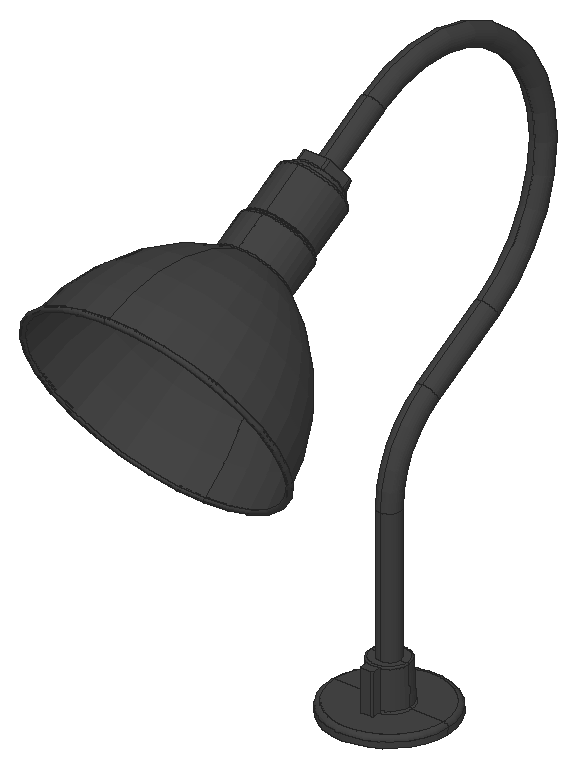
Revit family "BLE-G-DBW-G5-E26", category Lighting Fixtures, host Face, Revit 2022
Family settings
  Host = Face
  Round Connector Dimension = Use Diameter
  Part Type = Normal
  Cut with Voids When Loaded = No
  Light Source = Yes
  Maintain Annotation Orientation = No
  Shared = No
  Room Calculation Point = No
Parameters (values of type "10"")
  Wattage = 5.72229 W
  built-in parameter 1150110 = 1 (stored number, unit not read)
  built-in parameter 1114217 = 1 (stored number, unit not read)
  Tilt Angle = 0.00°
  built-in parameter 1150109 = 1 (stored number, unit not read)
  built-in parameter 1150134 = (empty or 0)
  built-in parameter 1150113 = 1 (stored number, unit not read)
  Gooseneck Material = 100 - Black
  Shade Material = 100 - Black
  Photometric Web File = "generic"
  built-in parameter 1150142 = (empty or 0)
  built-in parameter 1150105 = 67.641 (stored number, unit not read)
  Lumens = 850 lm
  built-in parameter 1150115 = 1 (stored number, unit not read)
  built-in parameter 1150137 = (empty or 0)
  built-in parameter 1150139 = (empty or 0)
  built-in parameter 1150112 = 1 (stored number, unit not read)
  built-in parameter 1150114 = 1 (stored number, unit not read)
  built-in parameter 1150132 = 2
  built-in parameter 1150102 = (empty or 0)
  built-in parameter 1150107 = 3000 (stored number, unit not read)
  built-in parameter 1150138 = (empty or 0)
  built-in parameter 1150106 = 0.67641 (stored number, unit not read)
  built-in parameter 1150104 = 13.8 (stored number, unit not read)
  20" = no
  Dimming Lamp Color Temperature Shift = <None>
  Default Elevation = 4' - 0"
  Color Filter = 16777215
  Base Material = 100 - Black
  built-in parameter 1114218 = 1 (stored number, unit not read)
  built-in parameter 1150133 = 10 (stored number, unit not read)
  16" = no
  14" = no
  12" = no
  10" = yes
Types (6): name | 20" | 16" | 14" | 12" | 10"
  (no name) | no | no | no | no | yes
  12" | no | no | no | yes | no
  14" | no | no | yes | no | no
  16" | no | yes | no | no | no
  10" | no | no | no | no | yes
  20" | yes | no | no | no | no
Reference planes (in)
  plane 1 "Center (Front/Back)": y = 0
  plane 2: z = 0
  plane 3 "Center (Left/Right)": x = 0
Lines and regions (in)
  reference lines
    curve 1: line (0, 32, 0) -> (0, -36, 0)
    curve 2: line (-33.11947, 0, 0) -> (37.88053, 0, 0)
Dimensions and locks (in)
  locked: nested 6 to imposter light at 1.75
  aligned and locked: plane 2 to host face
  aligned and locked: level to host face
  aligned and locked: plane 3 "Center (Left/Right)" to nested 1
  aligned and locked: plane 1 "Center (Front/Back)" to nested 1
  aligned and locked: imposter light to nested 6
  aligned and locked: nested 7 to nested 3
  aligned and locked: imposter light to plane 3 "Center (Left/Right)"
  aligned and locked: plane 1 "Center (Front/Back)" to nested 2
  aligned and locked: nested 3 to plane 3 "Center (Left/Right)"
  aligned and locked: nested 3 to nested 6
  aligned and locked: imposter light to nested 3
Nested families (in)
  nested 1: "WBP-7501" at (0, 0, 0), type "WBP-7501"
  nested 2: "G5" at (0, 0, 1.975), type "GNK-5011"
  nested 3: "DBW Shade" at (0, -3.71962, 20.23187) x (0, 0.5, -0.866) z (0, -0.866, -0.5), type "DBW Shade"
    with 24" no, 20" no, 16" no, 14" no, 12" no
  nested 4: "103264" at (0, -3.60156, 48.3054) x (0, 0, -1) z (0, -1, 0), type "103264"
    with Heat Sink 9" no
  nested 5: "CPL-0004" at (0, -3.15699, 20.55772) x (1, 0, 0) z (0, -0.866, -0.5), type "CPL-0004"
  nested 6: "E26 Socket Assy" at (0, -3.75345, 20.21234) x (0, 0.5, -0.866) z (0, -0.866, -0.5), type "E26 Socket Assy"
  nested 7: "E26 Bulb" at (0, -5.70632, 19.08484) x (1, 0, 0) z (0, -0.866, -0.5), type "E26 Bulb"
Connectors (in)
  electrical at (0, 0, 0)
    settings: index 1, voltage 0 V, apparent load 0 VA, apparent load phase1 0 VA, apparent load phase2 0 VA, apparent load phase3 0 VA, power factor 1, load classification "Other", number of poles 1, system type 31, power factor state 1, is connector primary yes, connector utility no, sub classification motor no, connector description ""
Definition of nested family "WBP-7501"
  Parameters (values of type "WBP-7501")
    Default Elevation = 3' - 0"
    Base Material = none
  Reference planes (in)
    plane 1 "Center (Front/Back)": y = 0
    plane 2: z = 0
    plane 3 "Center (Left/Right)": x = 0
    plane 4 "Base Dia": x = -2.325
    plane 5 "Base Height": z = 0.4
    plane 6 "Fillet Radius": z = 0.225
    plane 7: z = 0.458
    plane 8: x = -0.87
    plane 9: x = -0.81
    plane 10: x = -0.76
    plane 11: z = 1.917
    plane 12: z = 1.975
    plane 13: x = -0.7
    plane 14: x = -0.2595
    plane 15: x = 0.2595
    plane 16: y = -1.135
  Forms (in)
    Extrusion 1, solid
      sketch origin (0, 0, 0) x (1, 0, 0) y (0, 1, 0)
        loop
          line (-48, 48) -> (-48, -48) -> (48, -48) -> (48, 48) -> (-48, 48)
      from 0 to -12
    Revolve 2, solid, material <- "Base Material"
      sketch origin (0, 0, 0) x (1, 0, 0) y (0, 0, 1)
        loop
          line (0, 0) -> (0, 1.975) -> (-0.7, 1.975)
          arc (-0.7, 1.975) -> (-0.74172, 1.95814) -> (-0.76, 1.91702) r 0.06003
          line (-0.76, 1.91702) -> (-0.81, 0.458)
          arc (-0.81, 0.458) -> (-0.82699, 0.41699) -> (-0.868, 0.4) r 0.058
          line (-0.868, 0.4) -> (-2.15, 0.4)
          arc (-2.15, 0.4) -> (-2.27374, 0.34874) -> (-2.325, 0.225) r 0.175
          line (-2.325, 0.225) -> (-2.325, 0) -> (0, 0)
        axis (0, 0) -> (0, 1.975)
      angle from 0 to 360
    Extrusion 3, solid, material <- "Base Material"
      sketch origin (0, 0, 0) x (1, 0, 0) y (0, 1, 0)
        loop
          line (-0.2595, -0.76731) -> (-0.2595, -1.075)
          arc (-0.2595, -1.075) -> (-0.24193, -1.11743) -> (-0.1995, -1.135) r 0.06
          line (-0.1995, -1.135) -> (0.1995, -1.135)
          arc (0.1995, -1.135) -> (0.24193, -1.11743) -> (0.2595, -1.075) r 0.06
          line (0.2595, -1.075) -> (0.2595, -0.76731)
          arc (0.2595, -0.76731) -> (0, -0.81) -> (-0.2595, -0.76731) r 0.81
      from 0 to 1.975
  Cuts and joins
    joined: Revolve 2, Extrusion 3
  Dimensions and locks (in)
    plane 4 "Base Dia" to plane 3 "Center (Left/Right)" = 0' - 2.325"
    locked: plane 5 "Base Height" to Extrusion 1 at 0.4
    locked: plane 3 "Center (Left/Right)" to plane 4 "Base Dia" at 2.325
    locked: plane 5 "Base Height" to plane 6 "Fillet Radius" at 0.175
    locked: plane 3 "Center (Left/Right)" to plane 9 at 0.81
    locked: plane 3 "Center (Left/Right)" to plane 8 at 0.87
    locked: plane 3 "Center (Left/Right)" to plane 10 at 0.76
    locked: plane 3 "Center (Left/Right)" to plane 13 at 0.7
    locked: plane 11 to plane 5 "Base Height" at 1.517
    locked: plane 12 to plane 5 "Base Height" at 1.575
    locked: plane 7 to plane 5 "Base Height" at 0.058
    locked: plane 14 to plane 3 "Center (Left/Right)" at 0.2595
    locked: plane 3 "Center (Left/Right)" to plane 15 at 0.2595
    locked: plane 16 to plane 1 "Center (Front/Back)" at 1.135
    radius of Revolve 2 sketch curve = 0' - 0.175"
    aligned and locked: plane 2 to Extrusion 1
    aligned and locked: level to Extrusion 1
    aligned and locked: Revolve 2 sketch curve to plane 5 "Base Height"
    aligned and locked: plane 9 to Revolve 2 sketch curve
    aligned and locked: plane 3 "Center (Left/Right)" to Revolve 2 sketch curve
    aligned and locked: plane 15 to Extrusion 3 sketch curve
    aligned and locked: Extrusion 3 sketch curve to plane 16
    aligned and locked: Extrusion 3 sketch curve to plane 14
  Automatic sketch dimensions
    Extrusion 1 sketch curve to Extrusion 1 sketch curve = 8' - 0"  (x2)
    Revolve 2 sketch curve to level = 0' - 0"
    Revolve 2 sketch curve to plane 4 "Base Dia" = 0' - 0"
    Revolve 2 sketch curve to plane 7 = 0' - 0"  (x2)
    plane 10 to Revolve 2 sketch curve = 0' - 0"
    Revolve 2 sketch curve to plane 12 = 0' - 0"
    Revolve 2 sketch curve to plane 13 = 0' - 0"
    Revolve 2 sketch curve to plane 3 "Center (Left/Right)" = 0' - 0"
    Revolve 2 sketch curve to Revolve 2 sketch curve = 0' - 0.22742"
    Revolve 2 sketch curve to Revolve 2 sketch curve = 0' - 1.76377"
    plane 1 "Center (Front/Back)" to Extrusion 3 sketch curve = 0' - 0"
    Extrusion 3 sketch curve to plane 3 "Center (Left/Right)" = 0' - 0"
    plane 14 to Extrusion 3 sketch curve = 0' - 0.06"
    Extrusion 3 sketch curve to plane 15 = 0' - 0.06"
    Extrusion 3 sketch curve to Extrusion 3 sketch curve = 0' - 0.30769"
Definition of nested family "G5"
  Parameters (values of type "G5")
    Gooseneck Material = none
    Default Elevation = 2' - 0"
  Types (2): name
    G5
    G1
  Reference planes (in)
    plane 1 "Center (Front/Back)": y = 0
    plane 2: z = 0
    plane 3 "Center (Left/Right)": x = 0
    plane 4 "Wood Height": z = 0
    plane 5: through (0, -3.15699, 18.58272) normal (0, -0.5, 0.866)
  Forms (in)
    Extrusion 1, solid
      sketch origin (0, 0, 0) x (1, 0, 0) y (0, 1, 0)
        loop
          line (-48, 48) -> (-48, -48) -> (48, -48) -> (48, 48) -> (-48, 48)
      from 0 to -12
    Sweep 2, solid, material <- "Gooseneck Material"
      path origin (0, 0, 0) x (0, 1, 0) y (0, 0, 1)
        loop
          line (0, -0.0015) -> (0, 5.25269)
          arc (0, 5.25269) -> (0.50176, 7.1253) -> (1.87261, 8.49615) r 3.74522
          line (1.87261, 8.49615) -> (4.7984, 10.18535)
          arc (4.7984, 10.18535) -> (6.8573, 17.86926) -> (-0.82662, 19.92816) r 5.62502
          line (-0.82662, 19.92816) -> (-3.15699, 18.58272)
      profile origin (0, 0, 2.62559) x (0, -1, 0) y (1, 0, 0)
        loop
          circle (0, 0) r 0.42
  Dimensions and locks (in)
    aligned and locked: plane 2 to Extrusion 1
    aligned and locked: level to Extrusion 1
    aligned and locked: Extrusion 1 to plane 4 "Wood Height"
Definition of nested family "DBW Shade"
  Parameters (values of type "DBW Shade")
    Shade Material = none
    Default Elevation = 2' - 0"
    24" = yes
    20" = yes
    10" = yes
    16" = yes
    14" = yes
    12" = yes
  Reference planes (in)
    plane 1 "Center (Front/Back)": y = 0
    plane 2: z = 0
    plane 3 "Center (Left/Right)": x = 0
  Forms (in)
    Extrusion 1, solid
      sketch origin (0, 0, 0) x (1, 0, 0) y (0, 1, 0)
        loop
          line (-48, 48) -> (-48, -48) -> (48, -48) -> (48, 48) -> (-48, 48)
      from 0 to -12
  Dimensions and locks (in)
    aligned and locked: plane 2 to Extrusion 1
    aligned and locked: level to Extrusion 1
    aligned and locked: plane 1 "Center (Front/Back)" to nested 1
    aligned and locked: plane 3 "Center (Left/Right)" to nested 1
    aligned and locked: plane 3 "Center (Left/Right)" to nested 2
    aligned and locked: plane 1 "Center (Front/Back)" to nested 2
    aligned and locked: plane 1 "Center (Front/Back)" to nested 3
    aligned and locked: plane 3 "Center (Left/Right)" to nested 3
    aligned and locked: plane 1 "Center (Front/Back)" to nested 4
    aligned and locked: plane 1 "Center (Front/Back)" to nested 5
    aligned and locked: plane 3 "Center (Left/Right)" to nested 5
    aligned and locked: plane 3 "Center (Left/Right)" to nested 6
    aligned and locked: plane 1 "Center (Front/Back)" to nested 6
    aligned and locked: plane 3 "Center (Left/Right)" to nested 4
  Nested families (in)
    nested 1: "SHD-0028" at (0, 0, 0), visible <- "10"", type "SHD-0028"
    nested 2: "SHD-0029" at (0, 0, 0), visible <- "12"", type "SHD-0029"
    nested 3: "SHD-0114" at (0, 0, 0), visible <- "14"", type "SHD-0114"
    nested 4: "SHD-0115" at (0, 0, 0), visible <- "16"", type "SHD-0115"
    nested 5: "SHD-0308" at (0, 0, 0), visible <- "24"", type "SHD-0308"
    nested 6: "SHD-0223" at (0, 0, 0), visible <- "20"", type "SHD-0223"
  Definition of nested family "SHD-0028"
    Parameters (values of type "SHD-0028")
      Shade Material = none
      Default Elevation = 2' - 0"
    Reference planes (in)
      plane 1 "Center (Front/Back)": y = 0
      plane 2: z = 0
      plane 3 "Center (Left/Right)": x = 0
      plane 4 "Wood Height": z = 0
      plane 5 "Nut Radius": x = -1.03713
      plane 6 "Nut Flat": x = -0.861
      plane 7 "Shade Thickness": z = 0.04
      plane 8 "Lower Shade bottom": z = 9.109
      plane 9 "Lower Shade Outer Dia": x = -5
      plane 10 "Shade Top Dia": x = -1.20713
      plane 11 "Shade Middle Radius Height1": z = 1.965
      plane 12 "Shade Lower Diameter1": x = -1.44113
      plane 13 "Shade Top Radius": x = -1.29713
      plane 14 "Shade Middle Radious Height2": z = 2.105
      plane 15 "Shade Middle Radius Diameter2": x = -1.41363
      plane 16 "Lip Height": z = 9.029
      plane 17 "Bowl Start": z = 3.545
      plane 18: x = -4.85
      plane 19: z = 9.069
    Forms (in)
      Extrusion 1, solid
        sketch origin (0, 0, 0) x (1, 0, 0) y (0, 1, 0)
          loop
            line (-48, 48) -> (-48, -48) -> (48, -48) -> (48, 48) -> (-48, 48)
        from 0 to -12
      Revolve 2, solid, material <- "Shade Material"
        sketch origin (0, 0, 0) x (1, 0, 0) y (0, 0, 1)
          loop
            line (0, 0) -> (0, 0.03906) -> (-1.20713, 0.03906)
            arc (-1.20713, 0.03906) -> (-1.24314, 0.05398) -> (-1.25806, 0.09) r 0.05094
            line (-1.25806, 0.09) -> (-1.25806, 1.94384)
            arc (-1.25806, 1.94384) -> (-1.26409, 1.97759) -> (-1.28141, 2.00717) r 0.09757
            line (-1.28141, 2.00717) -> (-1.37456, 2.11635) -> (-1.37456, 3.48096)
            arc (-1.37456, 3.48096) -> (-1.39014, 3.54099) -> (-1.43295, 3.58588) r 0.12347
            arc (-1.43295, 3.58588) -> (-3.7536, 5.90437) -> (-4.80544, 9.01154) r 7.20294
            arc (-4.80544, 9.01154) -> (-4.99326, 9.04214) -> (-4.84504, 8.9228) r 0.09841
            line (-4.84504, 8.9228) -> (-4.86619, 8.95581)
            arc (-4.86619, 8.95581) -> (-4.95809, 9.02506) -> (-4.84432, 9.00777) r 0.05934
            arc (-4.84432, 9.00777) -> (-3.78678, 5.88375) -> (-1.45354, 3.55268) r 7.242
            arc (-1.45354, 3.55268) -> (-1.42428, 3.522) -> (-1.41363, 3.48096) r 0.0844
            line (-1.41363, 3.48096) -> (-1.41363, 2.13147)
            arc (-1.41363, 2.13147) -> (-1.40868, 2.10377) -> (-1.39446, 2.07949) r 0.08009
            line (-1.39446, 2.07949) -> (-1.31112, 1.98181)
            arc (-1.31112, 1.98181) -> (-1.30074, 1.96408) -> (-1.29713, 1.94384) r 0.0585
            line (-1.29713, 1.94384) -> (-1.29713, 0.09)
            arc (-1.29713, 0.09) -> (-1.27077, 0.02636) -> (-1.20713, 0) r 0.09
            line (-1.20713, 0) -> (0, 0)
          axis (0, 9.01154) -> (0, 0)
        angle from 0 to 360
    Dimensions and locks (in)
      locked: plane 6 "Nut Flat" to plane 3 "Center (Left/Right)" at 0.861
      locked: plane 7 "Shade Thickness" to plane 4 "Wood Height" at 0.04
      locked: plane 3 "Center (Left/Right)" to plane 9 "Lower Shade Outer Dia" at 5
      locked: plane 11 "Shade Middle Radius Height1" to plane 4 "Wood Height" at 1.965
      locked: plane 14 "Shade Middle Radious Height2" to plane 4 "Wood Height" at 2.105
      locked: plane 8 "Lower Shade bottom" to plane 16 "Lip Height" at 0.08
      locked: plane 17 "Bowl Start" to plane 4 "Wood Height" at 3.545
      locked: plane 18 to plane 9 "Lower Shade Outer Dia" at 0.15
      locked: plane 8 "Lower Shade bottom" to plane 19 at 0.04
      locked: plane 8 "Lower Shade bottom" to plane 4 "Wood Height" at 9.109
      aligned and locked: plane 2 to Extrusion 1
      aligned and locked: level to Extrusion 1
      aligned and locked: plane 4 "Wood Height" to Revolve 2 sketch curve
      aligned and locked: plane 10 "Shade Top Dia" to Revolve 2 sketch curve
      aligned and locked: Revolve 2 sketch curve to plane 15 "Shade Middle Radius Diameter2"
      aligned and locked: Revolve 2 sketch curve to plane 13 "Shade Top Radius"
      aligned and locked: Extrusion 1 to plane 4 "Wood Height"
    Automatic sketch dimensions
      Extrusion 1 sketch curve to Extrusion 1 sketch curve = 8' - 0"  (x2)
      Revolve 2 sketch curve to Revolve 2 sketch curve = 0' - 0"  (x12)
      Revolve 2 sketch curve to plane 3 "Center (Left/Right)" = 0' - 0"  (x2)
      plane 18 to Revolve 2 sketch curve = 0' - 0.00496"
      Revolve 2 sketch curve to plane 18 = 0' - 0.01619"
      plane 15 "Shade Middle Radius Diameter2" to Revolve 2 sketch curve = 0' - 0.01916"
      plane 14 "Shade Middle Radious Height2" to Revolve 2 sketch curve = 0' - 0.01135"
      plane 15 "Shade Middle Radius Diameter2" to Revolve 2 sketch curve = 0' - 0 5/128"
      Revolve 2 sketch curve to plane 11 "Shade Middle Radius Height1" = 0' - 0.02116"
      plane 15 "Shade Middle Radius Diameter2" to Revolve 2 sketch curve = 0' - 0.058"
      plane 14 "Shade Middle Radious Height2" to Revolve 2 sketch curve = 0' - 0.02647"
      Revolve 2 sketch curve to plane 13 "Shade Top Radius" = 0' - 0.01572"
      Revolve 2 sketch curve to Revolve 2 sketch curve = 0' - 0 5/128"
      Revolve 2 sketch curve to plane 17 "Bowl Start" = 0' - 0.06404"
      plane 18 to Revolve 2 sketch curve = 0' - 0.00568"
      plane 17 "Bowl Start" to Revolve 2 sketch curve = 0' - 0.15101"
      Revolve 2 sketch curve to Revolve 2 sketch curve = 0' - 2.15863"
      Revolve 2 sketch curve to plane 12 "Shade Lower Diameter1" = 0' - 0.00818"
      Revolve 2 sketch curve to Revolve 2 sketch curve = 0' - 0.03888"  (x2)
      Revolve 2 sketch curve to Revolve 2 sketch curve = 0' - 0.03301"
      Revolve 2 sketch curve to Revolve 2 sketch curve = 0' - 0.02059"
      Revolve 2 sketch curve to Revolve 2 sketch curve = 0' - 0.03319"
  Definition of nested family "SHD-0029"
    Parameters (values of type "SHD-0029")
      Shade Material = none
      Default Elevation = 2' - 0"
    Reference planes (in)
      plane 1 "Center (Front/Back)": y = 0
      plane 2: z = 0
      plane 3 "Center (Left/Right)": x = 0
      plane 4 "Wood Height": z = 0
      plane 5 "Nut Radius": x = -1.03713
      plane 6 "Nut Flat": x = -0.861
      plane 7 "Shade Thickness": z = 0.04
      plane 8 "Shade Top Dia": x = -1.20713
      plane 9 "Shade Middle Radius Height1": z = 1.965
      plane 10 "Shade Lower Diameter1": x = -1.44113
      plane 11 "Shade Top Radius": x = -1.29713
      plane 12 "Shade Middle Radious Height2": z = 2.105
      plane 13 "Shade Middle Radius Diameter2": x = -1.41363
      plane 14 "Bowl Start": z = 3.545
    Forms (in)
      Extrusion 1, solid
        sketch origin (0, 0, 0) x (1, 0, 0) y (0, 1, 0)
          loop
            line (-48, 48) -> (-48, -48) -> (48, -48) -> (48, 48) -> (-48, 48)
        from 0 to -12
      Revolve 2, solid, material <- "Shade Material"
        sketch origin (0, 0, 0) x (1, 0, 0) y (0, 0, 1)
          loop
            line (0, 0) -> (0, 0.03906) -> (-1.20713, 0.03906)
            arc (-1.20713, 0.03906) -> (-1.24314, 0.05398) -> (-1.25806, 0.09) r 0.05094
            line (-1.25806, 0.09) -> (-1.25806, 1.94384)
            arc (-1.25806, 1.94384) -> (-1.26409, 1.97759) -> (-1.28141, 2.00717) r 0.09757
            line (-1.28141, 2.00717) -> (-1.37456, 2.11635) -> (-1.37456, 3.49488)
            arc (-1.37456, 3.49488) -> (-1.3856, 3.54027) -> (-1.41623, 3.57553) r 0.09889
            arc (-1.41623, 3.57553) -> (-4.2546, 6.22323) -> (-5.80711, 9.7808) r 9.56481
            arc (-5.80711, 9.7808) -> (-5.99536, 9.79563) -> (-5.84506, 9.68132) r 0.09841
            line (-5.84506, 9.68132) -> (-5.86621, 9.71432)
            arc (-5.86621, 9.71432) -> (-5.9593, 9.78052) -> (-5.84534, 9.77276) r 0.05934
            arc (-5.84534, 9.77276) -> (-4.28694, 6.2013) -> (-1.43786, 3.54296) r 9.60387
            arc (-1.43786, 3.54296) -> (-1.42003, 3.5218) -> (-1.41363, 3.49488) r 0.05982
            line (-1.41363, 3.49488) -> (-1.41363, 2.13147)
            arc (-1.41363, 2.13147) -> (-1.40868, 2.10377) -> (-1.39446, 2.07949) r 0.08009
            line (-1.39446, 2.07949) -> (-1.31112, 1.98181)
            arc (-1.31112, 1.98181) -> (-1.30074, 1.96408) -> (-1.29713, 1.94384) r 0.0585
            line (-1.29713, 1.94384) -> (-1.29713, 0.09)
            arc (-1.29713, 0.09) -> (-1.27077, 0.02636) -> (-1.20713, 0) r 0.09
            line (-1.20713, 0) -> (0, 0)
          axis (0, 9.7808) -> (0, 0)
        angle from 0 to 360
    Dimensions and locks (in)
      locked: plane 6 "Nut Flat" to plane 3 "Center (Left/Right)" at 0.861
      locked: plane 7 "Shade Thickness" to plane 4 "Wood Height" at 0.04
      locked: plane 9 "Shade Middle Radius Height1" to plane 4 "Wood Height" at 1.965
      locked: plane 12 "Shade Middle Radious Height2" to plane 4 "Wood Height" at 2.105
      locked: plane 14 "Bowl Start" to plane 4 "Wood Height" at 3.545
      aligned and locked: plane 2 to Extrusion 1
      aligned and locked: level to Extrusion 1
      aligned and locked: plane 4 "Wood Height" to Revolve 2 sketch curve
      aligned and locked: plane 8 "Shade Top Dia" to Revolve 2 sketch curve
      aligned and locked: Revolve 2 sketch curve to plane 13 "Shade Middle Radius Diameter2"
      aligned and locked: Revolve 2 sketch curve to plane 11 "Shade Top Radius"
      aligned and locked: Extrusion 1 to plane 4 "Wood Height"
    Automatic sketch dimensions
      Extrusion 1 sketch curve to Extrusion 1 sketch curve = 8' - 0"  (x2)
      Revolve 2 sketch curve to Revolve 2 sketch curve = 0' - 0"  (x15)
      Revolve 2 sketch curve to plane 3 "Center (Left/Right)" = 0' - 0"  (x2)
      plane 10 "Shade Lower Diameter1" to Revolve 2 sketch curve = 0' - 0.03232"
      Revolve 2 sketch curve to Revolve 2 sketch curve = 0' - 0.02115"
      Revolve 2 sketch curve to Revolve 2 sketch curve = 0' - 0.0372"
      plane 13 "Shade Middle Radius Diameter2" to Revolve 2 sketch curve = 0' - 0.01916"
      plane 12 "Shade Middle Radious Height2" to Revolve 2 sketch curve = 0' - 0.01135"
      plane 13 "Shade Middle Radius Diameter2" to Revolve 2 sketch curve = 0' - 0 5/128"
      Revolve 2 sketch curve to plane 9 "Shade Middle Radius Height1" = 0' - 0.02116"
      plane 13 "Shade Middle Radius Diameter2" to Revolve 2 sketch curve = 0' - 0.058"
      plane 12 "Shade Middle Radious Height2" to Revolve 2 sketch curve = 0' - 0.02647"
      Revolve 2 sketch curve to plane 11 "Shade Top Radius" = 0' - 0.01572"
      Revolve 2 sketch curve to Revolve 2 sketch curve = 0' - 0 5/128"
      Revolve 2 sketch curve to plane 14 "Bowl Start" = 0' - 0.05012"
      Revolve 2 sketch curve to Revolve 2 sketch curve = 0' - 0.03301"
      Revolve 2 sketch curve to Revolve 2 sketch curve = 0' - 0.04623"
      Revolve 2 sketch curve to plane 13 "Shade Middle Radius Diameter2" = 0' - 0.00261"
      Revolve 2 sketch curve to plane 14 "Bowl Start" = 0' - 0.00204"
      plane 14 "Bowl Start" to Revolve 2 sketch curve = 0' - 0.15101"
      Revolve 2 sketch curve to Revolve 2 sketch curve = 0' - 2.15863"
      plane 10 "Shade Lower Diameter1" to Revolve 2 sketch curve = 0' - 4.40394"
      plane 3 "Center (Left/Right)" to Revolve 2 sketch curve = 0' - 3.5532"
      plane 14 "Bowl Start" to Revolve 2 sketch curve = 0' - 6.13632"
  Definition of nested family "SHD-0114"
    Parameters (values of type "SHD-0114")
      Shade Material = none
      Default Elevation = 2' - 0"
    Reference planes (in)
      plane 1 "Center (Front/Back)": y = 0
      plane 2: z = 0
      plane 3 "Center (Left/Right)": x = 0
      plane 4 "Wood Height": z = 0
    Forms (in)
      Extrusion 1, solid
        sketch origin (0, 0, 0) x (1, 0, 0) y (0, 1, 0)
          loop
            line (-48, 48) -> (-48, -48) -> (48, -48) -> (48, 48) -> (-48, 48)
        from 0 to -12
      Revolve 2, solid, material <- "Shade Material"
        sketch origin (0, 0, 0) x (1, 0, 0) y (0, 0, 1)
          loop
            line (0, 0) -> (0, 0.03906) -> (-1.45545, 0.03906)
            arc (-1.45545, 0.03906) -> (-1.49164, 0.05405) -> (-1.50663, 0.09025) r 0.05119
            line (-1.50663, 0.09025) -> (-1.50663, 2.07228)
            arc (-1.50663, 2.07228) -> (-1.51325, 2.1034) -> (-1.53194, 2.12913) r 0.0765
            line (-1.53194, 2.12913) -> (-1.59895, 2.18946)
            arc (-1.59895, 2.18946) -> (-1.61737, 2.21483) -> (-1.62389, 2.24549) r 0.07539
            line (-1.62389, 2.24549) -> (-1.62389, 3.76049)
            arc (-1.62389, 3.76049) -> (-1.63985, 3.81863) -> (-1.68326, 3.86047) r 0.11386
            arc (-1.68326, 3.86047) -> (-5.12462, 6.95788) -> (-6.79993, 11.27416) r 9.99002
            arc (-6.79993, 11.27416) -> (-6.99505, 11.29998) -> (-6.84047, 11.17815) r 0.10205
            line (-6.84047, 11.17815) -> (-6.86365, 11.20959)
            arc (-6.86365, 11.20959) -> (-6.95906, 11.28479) -> (-6.83863, 11.26885) r 0.06299
            arc (-6.83863, 11.26885) -> (-5.15677, 6.93569) -> (-1.70196, 3.82617) r 10.02909
            arc (-1.70196, 3.82617) -> (-1.67344, 3.79868) -> (-1.66295, 3.76049) r 0.07479
            line (-1.66295, 3.76049) -> (-1.66295, 2.24549)
            arc (-1.66295, 2.24549) -> (-1.65306, 2.19894) -> (-1.62508, 2.16043) r 0.11445
            line (-1.62508, 2.16043) -> (-1.55808, 2.1001)
            arc (-1.55808, 2.1001) -> (-1.54893, 2.08751) -> (-1.54569, 2.07228) r 0.03743
            line (-1.54569, 2.07228) -> (-1.54569, 0.09025)
            arc (-1.54569, 0.09025) -> (-1.51926, 0.02643) -> (-1.45545, 0) r 0.09025
            line (-1.45545, 0) -> (0, 0)
          axis (0, 11.27416) -> (0, 0)
        angle from 0 to 360
    Dimensions and locks (in)
      aligned and locked: plane 2 to Extrusion 1
      aligned and locked: level to Extrusion 1
      aligned and locked: Extrusion 1 to plane 4 "Wood Height"
    Automatic sketch dimensions
      Extrusion 1 sketch curve to Extrusion 1 sketch curve = 8' - 0"  (x2)
      Revolve 2 sketch curve to Revolve 2 sketch curve = 0' - 0"  (x25)
      Revolve 2 sketch curve to level = 0' - 0"
      Revolve 2 sketch curve to plane 3 "Center (Left/Right)" = 0' - 0"  (x2)
      Revolve 2 sketch curve to Revolve 2 sketch curve = 0' - 0.01239"
      Revolve 2 sketch curve to Revolve 2 sketch curve = 0' - 0.07479"
      Revolve 2 sketch curve to Revolve 2 sketch curve = 0' - 0.02318"
      Revolve 2 sketch curve to Revolve 2 sketch curve = 0' - 0.03738"
      Revolve 2 sketch curve to Revolve 2 sketch curve = 0' - 0.03144"
      Revolve 2 sketch curve to Revolve 2 sketch curve = 0' - 0.0507"
      Revolve 2 sketch curve to Revolve 2 sketch curve = 0' - 0.01869"  (x2)
      Revolve 2 sketch curve to Revolve 2 sketch curve = 0' - 2.15863"
      plane 3 "Center (Left/Right)" to Revolve 2 sketch curve = 0' - 3.09734"
      Revolve 2 sketch curve to Revolve 2 sketch curve = 0' - 0.02614"
      Revolve 2 sketch curve to Revolve 2 sketch curve = 0' - 0 5/128"  (x2)
      Revolve 2 sketch curve to Revolve 2 sketch curve = 0' - 1.45545"
      Revolve 2 sketch curve to Revolve 2 sketch curve = 0' - 0.05119"
      Revolve 2 sketch curve to Revolve 2 sketch curve = 0' - 0.02531"
      Revolve 2 sketch curve to Revolve 2 sketch curve = 0' - 0.01656"
      Revolve 2 sketch curve to Revolve 2 sketch curve = 0' - 0.02505"
      Revolve 2 sketch curve to Revolve 2 sketch curve = 0' - 0.05045"
      Revolve 2 sketch curve to plane 3 "Center (Left/Right)" = 0' - 6.84047"
      Revolve 2 sketch curve to Revolve 2 sketch curve = 0' - 1.98204"
      Revolve 2 sketch curve to Revolve 2 sketch curve = 0' - 1.515"
      Revolve 2 sketch curve to Revolve 2 sketch curve = 0' - 7.41765"
      Revolve 2 sketch curve to Revolve 2 sketch curve = 0' - 0.06448"
  Definition of nested family "SHD-0115"
    Parameters (values of type "SHD-0115")
      Shade Material = none
      Default Elevation = 2' - 0"
    Reference planes (in)
      plane 1 "Center (Front/Back)": y = 0
      plane 2: z = 0
      plane 3 "Center (Left/Right)": x = 0
      plane 4 "Wood Height": z = 0
    Forms (in)
      Extrusion 1, solid
        sketch origin (0, 0, 0) x (1, 0, 0) y (0, 1, 0)
          loop
            line (-48, 48) -> (-48, -48) -> (48, -48) -> (48, 48) -> (-48, 48)
        from 0 to -12
      Revolve 2, solid, material <- "Shade Material"
        sketch origin (0, 0, 0) x (1, 0, 0) y (0, 0, 1)
          loop
            line (0, 0) -> (0, 0.03906) -> (-1.45545, 0.03906)
            arc (-1.45545, 0.03906) -> (-1.49164, 0.05405) -> (-1.50663, 0.09025) r 0.05119
            line (-1.50663, 0.09025) -> (-1.50663, 2.07228)
            arc (-1.50663, 2.07228) -> (-1.51325, 2.1034) -> (-1.53194, 2.12913) r 0.0765
            line (-1.53194, 2.12913) -> (-1.59895, 2.18946)
            arc (-1.59895, 2.18946) -> (-1.61737, 2.21483) -> (-1.62389, 2.24549) r 0.07539
            line (-1.62389, 2.24549) -> (-1.62389, 3.76049)
            arc (-1.62389, 3.76049) -> (-1.64115, 3.82076) -> (-1.6877, 3.86276) r 0.11386
            arc (-1.6877, 3.86276) -> (-5.9143, 7.51176) -> (-7.79992, 12.76759) r 10.98102
            arc (-7.79992, 12.76759) -> (-7.99459, 12.80067) -> (-7.84102, 12.67655) r 0.10205
            line (-7.84102, 12.67655) -> (-7.8642, 12.70799)
            arc (-7.8642, 12.70799) -> (-7.95899, 12.7846) -> (-7.83883, 12.76418) r 0.06299
            arc (-7.83883, 12.76418) -> (-5.94651, 7.48965) -> (-1.70487, 3.82767) r 11.02008
            arc (-1.70487, 3.82767) -> (-1.67429, 3.80009) -> (-1.66295, 3.76049) r 0.07479
            line (-1.66295, 3.76049) -> (-1.66295, 2.24549)
            arc (-1.66295, 2.24549) -> (-1.65306, 2.19894) -> (-1.62508, 2.16043) r 0.11445
            line (-1.62508, 2.16043) -> (-1.55808, 2.1001)
            arc (-1.55808, 2.1001) -> (-1.54893, 2.08751) -> (-1.54569, 2.07228) r 0.03743
            line (-1.54569, 2.07228) -> (-1.54569, 0.09025)
            arc (-1.54569, 0.09025) -> (-1.51926, 0.02643) -> (-1.45545, 0) r 0.09025
            line (-1.45545, 0) -> (0, 0)
          axis (0, 12.76759) -> (0, 0)
        angle from 0 to 360
    Dimensions and locks (in)
      aligned and locked: plane 2 to Extrusion 1
      aligned and locked: level to Extrusion 1
      aligned and locked: Extrusion 1 to plane 4 "Wood Height"
    Automatic sketch dimensions
      Extrusion 1 sketch curve to Extrusion 1 sketch curve = 8' - 0"  (x2)
      Revolve 2 sketch curve to Revolve 2 sketch curve = 0' - 0"  (x16)
      Revolve 2 sketch curve to level = 0' - 0"
      Revolve 2 sketch curve to plane 3 "Center (Left/Right)" = 0' - 0"  (x2)
      Revolve 2 sketch curve to Revolve 2 sketch curve = 0' - 1.45545"
      Revolve 2 sketch curve to plane 3 "Center (Left/Right)" = 0' - 1.50663"
      Revolve 2 sketch curve to Revolve 2 sketch curve = 0' - 0.02531"
      Revolve 2 sketch curve to Revolve 2 sketch curve = 0' - 0 5/128"
      Revolve 2 sketch curve to Revolve 2 sketch curve = 0' - 0.01656"
      Revolve 2 sketch curve to Revolve 2 sketch curve = 0' - 0.01239"
      Revolve 2 sketch curve to Revolve 2 sketch curve = 0' - 0.02505"
      Revolve 2 sketch curve to Revolve 2 sketch curve = 0' - 0.05045"
      Revolve 2 sketch curve to Revolve 2 sketch curve = 0' - 0.02494"
      Revolve 2 sketch curve to Revolve 2 sketch curve = 0' - 0.02614"
      Revolve 2 sketch curve to Revolve 2 sketch curve = 0' - 0.07479"
      Revolve 2 sketch curve to Revolve 2 sketch curve = 0' - 0.02318"
      Revolve 2 sketch curve to Revolve 2 sketch curve = 0' - 0.03738"
      plane 3 "Center (Left/Right)" to Revolve 2 sketch curve = 0' - 3.13919"
      Revolve 2 sketch curve to Revolve 2 sketch curve = 0' - 1.98204"
      Revolve 2 sketch curve to Revolve 2 sketch curve = 0' - 1.515"
      Revolve 2 sketch curve to Revolve 2 sketch curve = 0' - 0.03144"
      Revolve 2 sketch curve to Revolve 2 sketch curve = 0' - 0.0507"
      Revolve 2 sketch curve to Revolve 2 sketch curve = 0' - 1.04947"
      Revolve 2 sketch curve to Revolve 2 sketch curve = 0' - 0.03891"
      Revolve 2 sketch curve to Revolve 2 sketch curve = 0' - 0.06448"
      Revolve 2 sketch curve to Revolve 2 sketch curve = 0' - 2.15863"
  Definition of nested family "SHD-0308"
    Parameters (values of type "SHD-0308")
      Shade Material = none
      Default Elevation = 2' - 0"
    Reference planes (in)
      plane 1 "Center (Front/Back)": y = 0
      plane 2: z = 0
      plane 3 "Center (Left/Right)": x = 0
      plane 4 "Wood Height": z = 0
    Forms (in)
      Extrusion 1, solid
        sketch origin (0, 0, 0) x (1, 0, 0) y (0, 1, 0)
          loop
            line (-48, 48) -> (-48, -48) -> (48, -48) -> (48, 48) -> (-48, 48)
        from 0 to -12
      Revolve 2, solid, material <- "Shade Material"
        sketch origin (0, 0, 0) x (1, 0, 0) y (0, 0, 1)
          loop
            line (0, 0) -> (0, 0.03906) -> (-2.22237, 0.03906)
            arc (-2.22237, 0.03906) -> (-2.2742, 0.06053) -> (-2.29567, 0.11236) r 0.0733
            line (-2.29567, 0.11236) -> (-2.29567, 3.09806)
            arc (-2.29567, 3.09806) -> (-2.30835, 3.16758) -> (-2.34475, 3.22814) r 0.19691
            line (-2.34475, 3.22814) -> (-2.42725, 3.32189)
            arc (-2.42725, 3.32189) -> (-2.46224, 3.38009) -> (-2.47442, 3.4469) r 0.18923
            line (-2.47442, 3.4469) -> (-2.47442, 5.72055)
            arc (-2.47442, 5.72055) -> (-2.4994, 5.80773) -> (-2.56677, 5.86845) r 0.16462
            arc (-2.56677, 5.86845) -> (-9.0535, 11.47959) -> (-11.91654, 19.56448) r 16.76616
            arc (-11.91654, 19.56448) -> (-11.93143, 19.59499) -> (-11.96306, 19.60734) r 0.04667
            line (-11.96306, 19.60734) -> (-12.00319, 19.60734)
            arc (-12.00319, 19.60734) -> (-12.07667, 19.53386) -> (-12.00319, 19.46037) r 0.07348
            line (-12.00319, 19.46037) -> (-11.96309, 19.46037) -> (-11.96309, 19.49944) -> (-12.00319, 19.49944)
            arc (-12.00319, 19.49944) -> (-12.03761, 19.53386) -> (-12.00319, 19.56828) r 0.03442
            line (-12.00319, 19.56828) -> (-11.95604, 19.56828)
            arc (-11.95604, 19.56828) -> (-9.08774, 11.46046) -> (-2.58392, 5.83336) r 16.80523
            arc (-2.58392, 5.83336) -> (-2.53254, 5.78704) -> (-2.51348, 5.72055) r 0.12556
            line (-2.51348, 5.72055) -> (-2.51348, 3.4469)
            arc (-2.51348, 3.4469) -> (-2.49878, 3.3663) -> (-2.45658, 3.29609) r 0.22829
            line (-2.45658, 3.29609) -> (-2.37408, 3.20234)
            arc (-2.37408, 3.20234) -> (-2.34489, 3.15379) -> (-2.33473, 3.09806) r 0.15785
            line (-2.33473, 3.09806) -> (-2.33473, 0.11236)
            arc (-2.33473, 0.11236) -> (-2.30182, 0.03291) -> (-2.22237, 0) r 0.11236
            line (-2.22237, 0) -> (0, 0)
          axis (0, 19.60734) -> (0, 0)
        angle from 0 to 360
    Dimensions and locks (in)
      aligned and locked: plane 2 to Extrusion 1
      aligned and locked: level to Extrusion 1
      aligned and locked: Extrusion 1 to plane 4 "Wood Height"
    Automatic sketch dimensions
      Extrusion 1 sketch curve to Extrusion 1 sketch curve = 8' - 0"  (x2)
      Revolve 2 sketch curve to Revolve 2 sketch curve = 0' - 0"  (x24)
      Revolve 2 sketch curve to level = 0' - 0"
      Revolve 2 sketch curve to plane 3 "Center (Left/Right)" = 0' - 0"  (x2)
      Revolve 2 sketch curve to Revolve 2 sketch curve = 0' - 0.01047"
      Revolve 2 sketch curve to Revolve 2 sketch curve = 0' - 0.01002"
      Revolve 2 sketch curve to Revolve 2 sketch curve = 0' - 0.02933"  (x2)
      Revolve 2 sketch curve to Revolve 2 sketch curve = 0' - 0.04717"
      Revolve 2 sketch curve to Revolve 2 sketch curve = 0' - 0.12556"
      Revolve 2 sketch curve to Revolve 2 sketch curve = 0' - 0.00701"
      Revolve 2 sketch curve to Revolve 2 sketch curve = 0' - 0.00004"
      Revolve 2 sketch curve to Revolve 2 sketch curve = 0' - 0.04013"
      plane 3 "Center (Left/Right)" to Revolve 2 sketch curve = 0' - 4.79372"
      Revolve 2 sketch curve to Revolve 2 sketch curve = 0' - 0 5/128"  (x2)
      Revolve 2 sketch curve to Revolve 2 sketch curve = 0' - 2.9857"
      Revolve 2 sketch curve to Revolve 2 sketch curve = 0' - 2.27365"
      Revolve 2 sketch curve to Revolve 2 sketch curve = 0' - 0.03442"
      Revolve 2 sketch curve to Revolve 2 sketch curve = 0' - 0.00761"
      Revolve 2 sketch curve to Revolve 2 sketch curve = 0' - 0.24911"
      Revolve 2 sketch curve to Revolve 2 sketch curve = 0' - 2.15863"
      Revolve 2 sketch curve to Revolve 2 sketch curve = 0' - 2.22237"
      Revolve 2 sketch curve to plane 3 "Center (Left/Right)" = 0' - 2.28519"
      Revolve 2 sketch curve to plane 3 "Center (Left/Right)" = 0' - 11.95604"
      Revolve 2 sketch curve to Revolve 2 sketch curve = 1' - 1.73983"
      Revolve 2 sketch curve to Revolve 2 sketch curve = 1' - 3.07792"
  Definition of nested family "SHD-0223"
    Parameters (values of type "SHD-0223")
      Shade Material = none
      Default Elevation = 2' - 0"
    Reference planes (in)
      plane 1 "Center (Front/Back)": y = 0
      plane 2: z = 0
      plane 3 "Center (Left/Right)": x = 0
      plane 4 "Wood Height": z = 0
    Forms (in)
      Extrusion 1, solid
        sketch origin (0, 0, 0) x (1, 0, 0) y (0, 1, 0)
          loop
            line (-48, 48) -> (-48, -48) -> (48, -48) -> (48, 48) -> (-48, 48)
        from 0 to -12
      Revolve 2, solid, material <- "Shade Material"
        sketch origin (0, 0, 0) x (1, 0, 0) y (0, 0, 1)
          loop
            line (0, 0) -> (0, 0.03906) -> (-1.8485, 0.03906)
            arc (-1.8485, 0.03906) -> (-1.88896, 0.05582) -> (-1.90572, 0.09628) r 0.05722
            line (-1.90572, 0.09628) -> (-1.90572, 2.57881)
            arc (-1.90572, 2.57881) -> (-1.9168, 2.64011) -> (-1.94865, 2.69364) r 0.17504
            line (-1.94865, 2.69364) -> (-2.01787, 2.77327)
            arc (-2.01787, 2.77327) -> (-2.04498, 2.81883) -> (-2.05441, 2.871) r 0.14898
            line (-2.05441, 2.871) -> (-2.05441, 4.7663)
            arc (-2.05441, 4.7663) -> (-2.07634, 4.84285) -> (-2.13548, 4.89618) r 0.14458
            arc (-2.13548, 4.89618) -> (-7.53748, 9.56968) -> (-9.92412, 16.30223) r 13.97395
            arc (-9.92412, 16.30223) -> (-9.93712, 16.32887) -> (-9.96474, 16.33964) r 0.04076
            line (-9.96474, 16.33964) -> (-10.00281, 16.33964)
            arc (-10.00281, 16.33964) -> (-10.06432, 16.27814) -> (-10.00281, 16.21663) r 0.06151
            line (-10.00281, 16.21663) -> (-9.96563, 16.21663) -> (-9.96563, 16.25569) -> (-10.00281, 16.25569)
            arc (-10.00281, 16.25569) -> (-10.02526, 16.27814) -> (-10.00281, 16.30058) r 0.02244
            line (-10.00281, 16.30058) -> (-9.96317, 16.30058)
            arc (-9.96317, 16.30058) -> (-7.57018, 9.5483) -> (-2.15264, 4.86109) r 14.01301
            arc (-2.15264, 4.86109) -> (-2.10948, 4.82217) -> (-2.09348, 4.7663) r 0.10551
            line (-2.09348, 4.7663) -> (-2.09348, 2.871)
            arc (-2.09348, 2.871) -> (-2.08157, 2.80515) -> (-2.04735, 2.74764) r 0.18804
            line (-2.04735, 2.74764) -> (-1.97814, 2.66801)
            arc (-1.97814, 2.66801) -> (-1.95339, 2.62643) -> (-1.94478, 2.57881) r 0.13598
            line (-1.94478, 2.57881) -> (-1.94478, 0.09628)
            arc (-1.94478, 0.09628) -> (-1.91658, 0.0282) -> (-1.8485, 0) r 0.09628
            line (-1.8485, 0) -> (0, 0)
          axis (0, 16.33964) -> (0, 0)
        angle from 0 to 360
    Dimensions and locks (in)
      aligned and locked: plane 2 to Extrusion 1
      aligned and locked: level to Extrusion 1
      aligned and locked: Extrusion 1 to plane 4 "Wood Height"
    Automatic sketch dimensions
      Extrusion 1 sketch curve to Extrusion 1 sketch curve = 8' - 0"  (x2)
      Revolve 2 sketch curve to Revolve 2 sketch curve = 0' - 0"  (x24)
      Revolve 2 sketch curve to level = 0' - 0"
      Revolve 2 sketch curve to plane 3 "Center (Left/Right)" = 0' - 0"  (x2)
      Revolve 2 sketch curve to Revolve 2 sketch curve = 0' - 0.05722"
      Revolve 2 sketch curve to Revolve 2 sketch curve = 0' - 0.00387"
      Revolve 2 sketch curve to Revolve 2 sketch curve = 0' - 0.02948"  (x2)
      Revolve 2 sketch curve to Revolve 2 sketch curve = 0' - 0.06922"
      Revolve 2 sketch curve to Revolve 2 sketch curve = 0' - 0.10551"
      Revolve 2 sketch curve to Revolve 2 sketch curve = 0' - 0.00156"
      Revolve 2 sketch curve to Revolve 2 sketch curve = 0' - 0.0009"
      Revolve 2 sketch curve to Revolve 2 sketch curve = 0' - 0.03807"
      plane 3 "Center (Left/Right)" to Revolve 2 sketch curve = 0' - 4.00263"
      Revolve 2 sketch curve to Revolve 2 sketch curve = 0' - 0 5/128"  (x2)
      Revolve 2 sketch curve to Revolve 2 sketch curve = 0' - 0.02244"
      Revolve 2 sketch curve to Revolve 2 sketch curve = 0' - 0.0017"
      Revolve 2 sketch curve to Revolve 2 sketch curve = 0' - 2.15863"
      Revolve 2 sketch curve to Revolve 2 sketch curve = 0' - 11.59521"
      Revolve 2 sketch curve to Revolve 2 sketch curve = 0' - 1.8485"
      Revolve 2 sketch curve to Revolve 2 sketch curve = 0' - 0.00028"
      Revolve 2 sketch curve to plane 3 "Center (Left/Right)" = 0' - 9.96317"
      Revolve 2 sketch curve to Revolve 2 sketch curve = 0' - 2.48252"
      Revolve 2 sketch curve to Revolve 2 sketch curve = 0' - 1.89529"
      Revolve 2 sketch curve to Revolve 2 sketch curve = 0' - 11.45033"
      Revolve 2 sketch curve to Revolve 2 sketch curve = 0' - 1.11021"
Definition of nested family "CPL-0004"
  Parameters (values of type "CPL-0004")
    Coupler Material = none
    Default Elevation = 2' - 0"
  Reference planes (in)
    plane 1 "Center (Front/Back)": y = 0
    plane 2: z = 0
    plane 3 "Center (Left/Right)": x = 0
    plane 4 "Wood Height": z = 0
    plane 5: y = 0.875
    plane 6: z = 0.4
  Forms (in)
    Extrusion 1, solid
      sketch origin (0, 0, 0) x (1, 0, 0) y (0, 1, 0)
        loop
          line (-48, 48) -> (-48, -48) -> (48, -48) -> (48, 48) -> (-48, 48)
      from 0 to -12
    Extrusion 2, solid, material <- "Coupler Material"
      sketch origin (0, 0, 0) x (1, 0, 0) y (0, 1, 0)
        loop
          line (-0.54127, 0.8125) -> (-0.97428, 0.0625)
          arc (-0.97428, 0.0625) -> (-0.99103, 0) -> (-0.97428, -0.0625) r 0.125
          line (-0.97428, -0.0625) -> (-0.54127, -0.8125)
          arc (-0.54127, -0.8125) -> (-0.49551, -0.85825) -> (-0.43301, -0.875) r 0.125
          line (-0.43301, -0.875) -> (0.43301, -0.875)
          arc (0.43301, -0.875) -> (0.49551, -0.85825) -> (0.54127, -0.8125) r 0.125
          line (0.54127, -0.8125) -> (0.97428, -0.0625)
          arc (0.97428, -0.0625) -> (0.99103, 0) -> (0.97428, 0.0625) r 0.125
          line (0.97428, 0.0625) -> (0.54127, 0.8125)
          arc (0.54127, 0.8125) -> (0.49551, 0.85825) -> (0.43301, 0.875) r 0.125
          line (0.43301, 0.875) -> (-0.43301, 0.875)
          arc (-0.43301, 0.875) -> (-0.49551, 0.85825) -> (-0.54127, 0.8125) r 0.125
      from 0 to 0.4
    Revolve 3, solid, material <- "Coupler Material"
      sketch origin (0, 0, 0) x (1, 0, 0) y (0, 0, 1)
        loop
          line (0, 0.65018) -> (-1.00921, 0.65018) -> (-1.03665, 0.61971) -> (-1.02973, 0.43008)
          arc (-1.02973, 0.43008) -> (-1.02417, 0.41239) -> (-1.01036, 0.4) r 0.03506
          line (-1.01036, 0.4) -> (0, 0.4) -> (0, 0.65018)
        axis (0, 0.65018) -> (0, 0.4)
      angle from 0 to 360
  Dimensions and locks (in)
    locked: plane 5 to plane 1 "Center (Front/Back)" at 0.875
    locked: plane 6 to Extrusion 1 at 0.4
    aligned and locked: plane 2 to Extrusion 1
    aligned and locked: level to Extrusion 1
    aligned and locked: Extrusion 1 to plane 4 "Wood Height"
    aligned and locked: Revolve 3 sketch curve to plane 3 "Center (Left/Right)"
  Automatic sketch dimensions
    Extrusion 1 sketch curve to Extrusion 1 sketch curve = 8' - 0"  (x2)
    Revolve 3 sketch curve to plane 6 = 0' - 0"
    Revolve 3 sketch curve to plane 3 "Center (Left/Right)" = 0' - 0"
    plane 6 to Revolve 3 sketch curve = 0' - 0.03136"
    Revolve 3 sketch curve to plane 3 "Center (Left/Right)" = 0' - 0.99469"
    plane 6 to Revolve 3 sketch curve = 0' - 0.25018"
    Revolve 3 sketch curve to Revolve 3 sketch curve = 0' - 0.01453"
    Revolve 3 sketch curve to Revolve 3 sketch curve = 0' - 0.01568"
    plane 6 to Revolve 3 sketch curve = 0' - 0.03008"
    plane 6 to Revolve 3 sketch curve = 0' - 0.21971"
    Revolve 3 sketch curve to Revolve 3 sketch curve = 0' - 0.02744"
    Revolve 3 sketch curve to level = 0' - 0.16839"
    Revolve 3 sketch curve to Revolve 3 sketch curve = 0' - 0.1618"
    plane 1 "Center (Front/Back)" to Extrusion 2 sketch curve = 0' - 0"  (x2)
    Extrusion 2 sketch curve to plane 5 = 0' - 0"
    Extrusion 2 sketch curve to plane 1 "Center (Front/Back)" = 0' - 0 1/16"  (x2)
    plane 1 "Center (Front/Back)" to Extrusion 2 sketch curve = 0' - 0 1/16"  (x2)
    Extrusion 2 sketch curve to Extrusion 2 sketch curve = 0' - 0.10825"  (x4)
    Extrusion 2 sketch curve to plane 3 "Center (Left/Right)" = 0' - 0.54127"
    Extrusion 2 sketch curve to plane 5 = 0' - 0 1/16"  (x2)
    plane 3 "Center (Left/Right)" to Extrusion 2 sketch curve = 0' - 0.43301"  (x2)
Definition of nested family "E26 Socket Assy"
  Parameters (values of type "E26 Socket Assy")
    Shade Material = none
    Default Elevation = 2' - 0"
  Reference planes (in)
    plane 1 "Center (Front/Back)": y = 0
    plane 2: z = 0
    plane 3 "Center (Left/Right)": x = 0
    plane 4 "Wood Height": z = 0
  Forms (in)
    Extrusion 1, solid
      sketch origin (0, 0, 0) x (1, 0, 0) y (0, 1, 0)
        loop
          line (-48, 48) -> (-48, -48) -> (48, -48) -> (48, 48) -> (-48, 48)
      from 0 to -12
    Revolve 2, solid
      sketch origin (0, 0, 0) x (1, 0, 0) y (0, 0, 1)
        loop
          line (0, 0) -> (0, 2.155) -> (-0.57839, 2.155) -> (-0.67838, 2.25499) -> (-0.71769, 2.25499)
          arc (-0.71769, 2.25499) -> (-0.75193, 2.2408) -> (-0.76611, 2.20657) r 0.04842
          line (-0.76611, 2.20657) -> (-0.76611, 0.37999) -> (-1, 0.37999) -> (-0.98772, 0.02838)
          arc (-0.98772, 0.02838) -> (-0.97876, 0.00825) -> (-0.95833, 0) r 0.02941
          line (-0.95833, 0) -> (0, 0)
        axis (0, 2.25499) -> (0, 0)
      angle from 0 to 360
  Dimensions and locks (in)
    aligned and locked: plane 2 to Extrusion 1
    aligned and locked: level to Extrusion 1
    aligned and locked: Extrusion 1 to plane 4 "Wood Height"
    aligned and locked: Revolve 2 sketch curve to plane 3 "Center (Left/Right)"
  Automatic sketch dimensions
    Extrusion 1 sketch curve to Extrusion 1 sketch curve = 8' - 0"  (x2)
    Revolve 2 sketch curve to level = 0' - 0"
    Revolve 2 sketch curve to plane 3 "Center (Left/Right)" = 0' - 0"
    Revolve 2 sketch curve to plane 3 "Center (Left/Right)" = 0' - 0.67838"
    Revolve 2 sketch curve to Revolve 2 sketch curve = 0' - 0.03931"
    level to Revolve 2 sketch curve = 0' - 0.37999"
    Revolve 2 sketch curve to plane 3 "Center (Left/Right)" = 0' - 0.76611"
    level to Revolve 2 sketch curve = 0' - 0.02941"
    Revolve 2 sketch curve to Revolve 2 sketch curve = 0' - 0.19222"
    level to Revolve 2 sketch curve = 0' - 0.02838"
    Revolve 2 sketch curve to Revolve 2 sketch curve = 0' - 1.77502"
    Revolve 2 sketch curve to Revolve 2 sketch curve = 0' - 0.05156"
    Revolve 2 sketch curve to Revolve 2 sketch curve = 0' - 0.09998"
    Revolve 2 sketch curve to Revolve 2 sketch curve = 0' - 0.48108"
    Revolve 2 sketch curve to Revolve 2 sketch curve = 0' - 0.69024"
Definition of nested family "E26 Bulb"
  Parameters (values of type "E26 Bulb")
    Bulb Base Material = none
    Default Elevation = 2' - 0"
    Bulb Material = none
  Reference planes (in)
    plane 1 "Center (Front/Back)": y = 0
    plane 2: z = 0
    plane 3 "Center (Left/Right)": x = 0
  Forms (in)
    Extrusion 1, solid
      sketch origin (0, 0, -12.73852) x (1, 0, 0) y (0, 1, 0)
        loop
          line (-48, 48) -> (-48, -48) -> (48, -48) -> (48, 48) -> (-48, 48)
      from 12.73852 to 2.73852
    Revolve 2, solid, material <- "Bulb Material"
      sketch origin (0, 0, 0) x (1, 0, 0) y (0, 0, 1)
        loop
          line (0.6495, 0.207) -> (0.68866, 0.449)
          arc (0.68866, 0.449) -> (0.75312, 0.6845) -> (0.866, 0.901) r 1.14598
          line (0.866, 0.901) -> (0.9845, 1.079)
          arc (0.9845, 1.079) -> (1.04207, 2.29114) -> (0, 2.913) r 1.17993
          line (0, 2.913) -> (0, 2.87394)
          arc (0, 2.87394) -> (1.00763, 2.2727) -> (0.95199, 1.10065) r 1.14086
          line (0.95199, 1.10065) -> (0.83348, 0.92265)
          arc (0.83348, 0.92265) -> (0.71675, 0.69877) -> (0.6501, 0.45524) r 1.18505
          line (0.6501, 0.45524) -> (0.61095, 0.21328)
          arc (0.61095, 0.21328) -> (0.57321, 0.11471) -> (0.49962, 0.03904) r 0.2619
          line (0.49962, 0.03904) -> (0, 0.03904) -> (0, -0.00002) -> (0.51117, -0.00002)
          arc (0.51117, -0.00002) -> (0.60275, 0.08852) -> (0.6495, 0.207) r 0.30097
        axis (0, 2.913) -> (0, -0.00002)
      angle from 0 to 360
  Dimensions and locks (in)
    aligned and locked: plane 2 to Extrusion 1
    aligned and locked: plane 3 "Center (Left/Right)" to Revolve 2 sketch curve
    aligned and locked: Revolve 2 sketch curve to plane 3 "Center (Left/Right)"
  Automatic sketch dimensions
    Extrusion 1 sketch curve to Extrusion 1 sketch curve = 8' - 0"  (x2)
    Revolve 2 sketch curve to Revolve 2 sketch curve = 0' - 0"  (x7)
    Revolve 2 sketch curve to plane 3 "Center (Left/Right)" = 0' - 0"
    plane 3 "Center (Left/Right)" to Revolve 2 sketch curve = 0' - 0.00246"
    Revolve 2 sketch curve to level = 0' - 0"
    Revolve 2 sketch curve to Revolve 2 sketch curve = 0' - 0.03252"
    Revolve 2 sketch curve to Revolve 2 sketch curve = 0' - 0.45527"
    Revolve 2 sketch curve to Revolve 2 sketch curve = 0' - 3.34544"
    Revolve 2 sketch curve to Revolve 2 sketch curve = 0' - 0.25844"
    plane 3 "Center (Left/Right)" to Revolve 2 sketch curve = 0' - 0.3525"
    level to Revolve 2 sketch curve = 0' - 0 5/128"
    Revolve 2 sketch curve to Revolve 2 sketch curve = 0' - 0.11133"
    Revolve 2 sketch curve to Revolve 2 sketch curve = 0' - 0.01155"
    level to Revolve 2 sketch curve = 0' - 0.207"
    Revolve 2 sketch curve to Revolve 2 sketch curve = 0' - 0.03855"
    Revolve 2 sketch curve to Revolve 2 sketch curve = 0' - 0.03915"
    level to Revolve 2 sketch curve = 0' - 0.449"
    Revolve 2 sketch curve to Revolve 2 sketch curve = 0' - 0.03856"
    Revolve 2 sketch curve to Revolve 2 sketch curve = 0' - 0.14482"
    Revolve 2 sketch curve to Revolve 2 sketch curve = 0' - 0.1185"
    Revolve 2 sketch curve to Revolve 2 sketch curve = 0' - 0.03251"
    level to Revolve 2 sketch curve = 0' - 0.26594"
    Revolve 2 sketch curve to Revolve 2 sketch curve = 0' - 0.00624"
    Revolve 2 sketch curve to Revolve 2 sketch curve = 0' - 0.02165"
    Revolve 2 sketch curve to Revolve 2 sketch curve = 0' - 0.63243"
Definition of nested family "103264"
  Parameters (values of type "103264")
    Heat Sink 9" = yes
    Default Elevation = 2' - 0"
  Reference planes (in)
    plane 1 "Center (Front/Back)": y = 0
    plane 2: z = 0
    plane 3 "Center (Left/Right)": x = 0
  Forms (in)
    Extrusion 1, solid
      sketch origin (0, 0, 0) x (1, 0, 0) y (0, 1, 0)
        loop
          line (-48, 48) -> (-48, -48) -> (48, -48) -> (48, 48) -> (-48, 48)
      from 0 to -12
    Revolve 2, solid, visible <- "Heat Sink 9""
      sketch origin (0, 0, 0) x (1, 0, 0) y (0, 0, 1)
        loop
          line (0, 0) -> (0, 0.62434) -> (-1.30334, 0.62434)
          arc (-1.30334, 0.62434) -> (-1.32437, 0.63289) -> (-1.33347, 0.65368) r 0.03013
          line (-1.33347, 0.65368) -> (-1.34912, 1.25004) -> (-1.62392, 1.25004) -> (-1.62392, 0.90054) -> (-1.81218, 0.90054)
          arc (-1.81218, 0.90054) -> (-2.04769, 0.40262) -> (-2.55995, 0.20019) r 0.74937
          line (-2.55995, 0.20019) -> (-4.45232, 0.20019)
          arc (-4.45232, 0.20019) -> (-4.48531, 0.18703) -> (-4.50018, 0.15477) r 0.04793
          line (-4.50018, 0.15477) -> (-4.50191, 0.12184) -> (-4.39187, 0.01181)
          arc (-4.39187, 0.01181) -> (-4.3788, 0.00307) -> (-4.36337, 0) r 0.04031
          line (-4.36337, 0) -> (0, 0)
        axis (0, 1.25004) -> (0, 0)
      angle from 0 to 360
  Dimensions and locks (in)
    aligned and locked: plane 2 to Extrusion 1
    aligned and locked: level to Extrusion 1
    aligned and locked: Revolve 2 sketch curve to plane 3 "Center (Left/Right)"
  Automatic sketch dimensions
    Extrusion 1 sketch curve to Extrusion 1 sketch curve = 8' - 0"  (x2)
    Revolve 2 sketch curve to level = 0' - 0"
    Revolve 2 sketch curve to plane 3 "Center (Left/Right)" = 0' - 0"
    level to Revolve 2 sketch curve = 0' - 0.62434"
    Revolve 2 sketch curve to plane 3 "Center (Left/Right)" = 0' - 1.30334"
    Revolve 2 sketch curve to Revolve 2 sketch curve = 0' - 0.03012"
    Revolve 2 sketch curve to Revolve 2 sketch curve = 0' - 0.29046"
    Revolve 2 sketch curve to Revolve 2 sketch curve = 0' - 0.18826"
    level to Revolve 2 sketch curve = 0' - 0.20019"
    Revolve 2 sketch curve to Revolve 2 sketch curve = 0' - 0.74777"
    Revolve 2 sketch curve to Revolve 2 sketch curve = 0' - 1.80342"
    level to Revolve 2 sketch curve = 0' - 0.01181"
    Revolve 2 sketch curve to Revolve 2 sketch curve = 0' - 0.0285"
    Revolve 2 sketch curve to Revolve 2 sketch curve = 0' - 0.08895"
    level to Revolve 2 sketch curve = 0' - 0.15477"
    Revolve 2 sketch curve to Revolve 2 sketch curve = 0' - 0.04786"
    Revolve 2 sketch curve to Revolve 2 sketch curve = 0' - 0.24686"
    Revolve 2 sketch curve to Revolve 2 sketch curve = 0' - 0.3495"
    Revolve 2 sketch curve to Revolve 2 sketch curve = 0' - 0.27481"
    Revolve 2 sketch curve to level = 0' - 1.22145"
    Revolve 2 sketch curve to Revolve 2 sketch curve = 0' - 1.65421"
